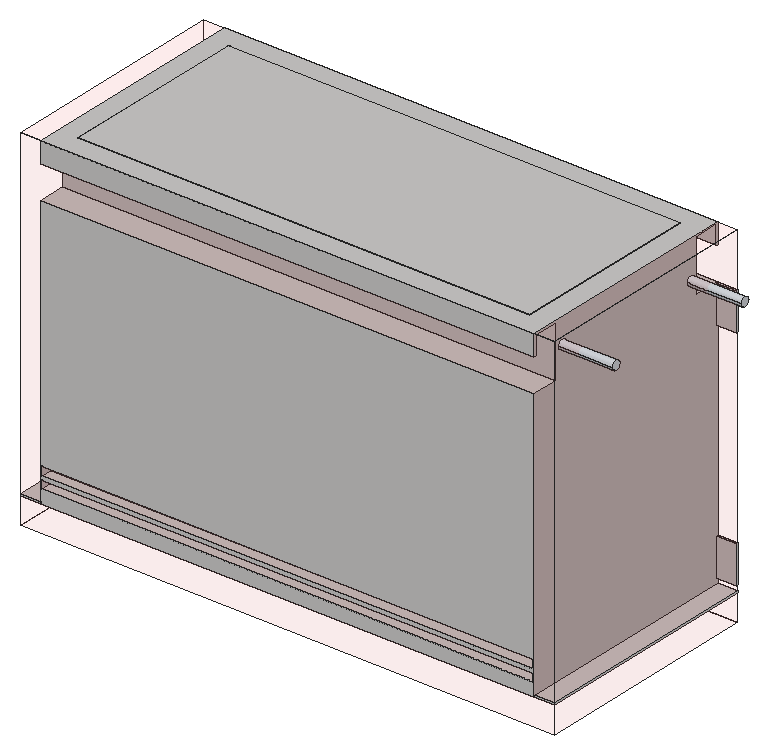
Revit family "Air-Curtain_Industrial_PoweredAire_HotWater", category Mechanical Equipment, host Face, Revit 2025
Family settings
  Host = Face
  Round Connector Dimension = Use Diameter
  Part Type = Normal
  OmniClass Number = 23.75.35.17.21
  OmniClass Title = Air Curtains
  Cut with Voids When Loaded = No
  Maintain Annotation Orientation = No
  Shared = No
  Room Calculation Point = No
Parameters
  upperrotation [instance] = if(Upper Pipe Connection Side A, 0.00°, 180.00°)  # 0.00°
  topbracket [instance] = and(Unit Height = 1' 4 3/4", Unit Depth = 1' 11 3/4")  # yes
  lowerrotation [instance] = if(Lower Pipe Connection Side A, 0.00°, 180.00°)  # 0.00°
  locateupperpipe [instance] = if(Upper Pipe Connection Side A, 0' 0", Nozzle Width)  # 0' - 0"
  locatelowerpipe [instance] = if(Lower Pipe Connection Side A, 0' 0", Nozzle Width)  # 0' - 0"
  Warranty Duration (Years) = 0
  Upper Pipe Connection Side A [instance] = yes
  Unit Width Notes = "Other Widths available."  # constant formula
  Unit Width = 3' - 3"
  Unit Weight = 0
  Unit Height = 1' - 4 3/4"
  Unit Depth = 1' - 11 3/4"
  URL = "http://www.poweredaire.com/"
  Test Data = ""
  Standards Conformance = "as Specified"
  Specification = "http://www.arcat.com/sdspecs/htm04/23_34_33pai.htm"
  SpecWizard = ""
  Sound Pressure = "as Specified"
  Sales Information = "http://www.poweredaire.com/contact_us"
  Revision = "R1_2016-08"
  Projection from Host [instance] = 0' - 2"
  Product Properties = ""
  Product Data = "http://www.arcat.com/arcatcos/cos47/arc47623.html"
  Power Rating = 0 W
  Piping_Water Flow [instance] = 0 GPM
  Piping_Operating Pressure [instance] = 0.00 psi
  Piping_Exit Temperature [instance] = 0 °F
  Piping_Entry Temperature [instance] = 0 °F
  Pipe OD [instance] = 5/8"
  Nozzle Width = if(1 = 1, Unit Width - 0' 3", 0' 0")  # 3' - 0"
  Mounting Width = if(1 = 1, Unit Width - 0' 1 1/2", 0' 0")  # 3' - 1 1/2"
  Mounting Height [instance] = 3' - 6"
  Motor RPM = 0
  Motor HP = 0
  Motor Count = 0
  Model = "As Specified"
  Max Height = 0' - 0"
  Manufacturer Website = "http://www.poweredaire.com/"
  Manufacturer Phone - Toll Free = "888-321-2473"
  Manufacturer Phone = "724-588-3305"
  Manufacturer Fax = "724-588-3371"
  Manufacturer Address = "109 Mortensen Rd.  Greenville, PA 16125"
  Manufacturer = "Powered Aire, Inc"
  Maintenance Schedule (Months) = 0
  Lower Pipe Connection Side A [instance] = yes
  Keynote = "23 34 33"
  Installation-Fabrication = ""
  Installation Phase = ""
  Include Clearance [instance] = yes
  Heating Element Load = 0 W
  HVAC_Temperature Rise = 0 °F
  HVAC_Outlet Volume = 0 CFM
  HVAC_Outlet Velocity Uniformity = 0
  HVAC_Outlet Velocity = 0 FPM
  HVAC_BTU Input = 0.0 Btu/h
  Green Building-LEED = "http://www.arcat.com/green/clients/leed_data_47623.html"
  Front Grating Material [instance] = Metal - Steel - PoweredAire - Stainless 304 Perforated
  Frame Finish [instance] = Metal - Steel - PoweredAire - Stainless 304
  Expected Lifespan (Years) = 0
  Electrical_Wattage [instance] = Power Rating + Heating Element Load  # 0 W
  Electrical_Voltage [instance] = 0 V
  Electrical_Phase [instance] = 1
  Electrical_Frequency [instance] = 0 Hz
  Electrical_Amperage [instance] = 0 A
  Drawn By = "Sumex Design, Inc. / Robert S. Weygant, CSI, CDT, SCIP"
  Description = "Powered Aire Air Curtain as Specified"
  Default Elevation = 0' - 0"  # constant formula
  Copyright = "©Arcat Inc."
  Construction Details = "http://www.arcat.com/details/powair/prod3336.html"
  Clearance_Top [instance] = 0' - 0"
  Clearance_Side B [instance] = 0' - 0"
  Clearance_Side A [instance] = 0' - 0"
  Clearance_Intake [instance] = 0' - 0"
  Clearance_Bottom [instance] = 0' - 0"
  Clearance Material [instance] = ARCAT Clearance
  Building Codes = ""
  Available Options [instance] = "as Specified"
  Assembly Code = "D3090400"
Reference planes (in)
  plane 1 "Center (Elevation)": y = 0.13818
  plane 2: z = 0
  plane 3 "Center (Left/Right)": x = 0
  plane 4: y = 8.51318
  plane 5: y = -8.23682
  plane 6: x = -19.5
  plane 7: x = 19.5
  plane 8: z = 25.75
  plane 9 "FF": y = -41.86182
  plane 10: z = 2
  plane 11: x = 18
  plane 12: x = -18
  plane 13: y = 8.51318
  plane 14: y = -8.23682
  plane 15: x = -19.5
  plane 16: x = 19.5
  plane 17: z = 25.75
  plane 18: x = 17.9375
  plane 19: x = -17.9375
  plane 20: x = 18
  plane 21: x = 18
  plane 22: y = 6.01318
  plane 23: y = -5.73682
Forms (in)
  Extrusion 1, solid, material "Metal - Steel - PoweredAire - Stainless 304" <- "Frame Finish"
    sketch origin (0, 0, 0) x (0, 1, 0) y (0, 0, 1)
      loop
        line (-8.23682, 2) -> (8.51318, 2) -> (8.51318, 21.8125) -> (6.51318, 21.8125) -> (6.51318, 25.625) -> (8.38818, 25.625) -> (8.38818, 24.25) -> (8.51318, 24.25) -> (8.51318, 25.75) -> (-8.23682, 25.75) -> (-8.23682, 24.25) -> (-8.11182, 24.25) -> (-8.11182, 25.625) -> (-6.23682, 25.625) -> (-6.23682, 21.8125) -> (-8.23682, 21.8125) -> (-8.23682, 2)
    from -18 to 18
  Extrusion 2, solid, material "ARCAT Clearance" <- "Clearance Material", visible <- "Include Clearance"
    sketch origin (0, 0, 0) x (0, 1, 0) y (0, 0, 1)
      loop
        line (-8.23682, 25.75) -> (-8.23682, 0) -> (8.51318, 0) -> (8.51318, 25.75) -> (-8.23682, 25.75)
    from -19.5 to 19.5
  Extrusion 3, solid, material "Metal - Steel - PoweredAire - Stainless 304" <- "Frame Finish"
    sketch origin (-15.17702, -180, 2) x (-1, 0, 0) y (0, -1, 0)
      loop
        line (-33.17702, -188.51318) -> (-33.17702, -171.76318) -> (-34.67702, -171.76318) -> (-34.67702, -188.51318) -> (-33.17702, -188.51318)
      loop
        line (2.82298, -188.51318) -> (4.32298, -188.51318) -> (4.32298, -171.76318) -> (2.82298, -171.76318) -> (2.82298, -188.51318)
    from 0 to 0.125
  Extrusion 4, solid, material "Metal - Steel - PoweredAire - Stainless 304" <- "Frame Finish", visible <- "topbracket"
    sketch origin (-11.83813, 8.51318, 48) x (-1, 0, 0) y (0, 0, 1)
      loop
        line (-29.83813, -45.5) -> (-29.83813, -42.75) -> (-31.33813, -42.75) -> (-31.33813, -45.5) -> (-29.83813, -45.5)
      loop
        line (-29.83813, -28.9375) -> (-29.83813, -26.1875) -> (-31.33813, -26.1875) -> (-31.33813, -28.9375) -> (-29.83813, -28.9375)
      loop
        line (6.16187, -45.5) -> (7.66187, -45.5) -> (7.66187, -42.75) -> (6.16187, -42.75) -> (6.16187, -45.5)
      loop
        line (6.16187, -28.9375) -> (7.66187, -28.9375) -> (7.66187, -26.1875) -> (6.16187, -26.1875) -> (6.16187, -28.9375)
    from 0 to -0.125
  Extrusion 5, void
    sketch origin (0, 0, 0) x (0, 1, 0) y (0, 0, 1)
      loop
        line (-8.23682, 3) -> (-7.23682, 3) -> (-7.23682, 4.5) -> (-8.23682, 4.5) -> (-8.23682, 3.82425) -> (-7.38364, 3.82425) -> (-7.38364, 3.57425) -> (-8.23682, 3.57425) -> (-8.23682, 3)
    from -17.9375 to 17.9375
  Extrusion 6, solid, material "Metal - Steel - PoweredAire - Stainless 304 Perforated" <- "Front Grating Material"
    sketch origin (0, -8.23682, 25.75) x (0, 1, 0) y (-1, 0, 0)
      loop
        line (15.25, 16.5) -> (1.5, 16.5) -> (1.5, -16.5) -> (15.25, -16.5) -> (15.25, 16.5)
    from 0 to 0.03125
  Sweep 7, solid
    path origin (18, 6.01318, 0) x (1, 0, 0) y (0, 1, 0)
      loop
        line (0, 0) -> (4, 0)
    profile origin (20, 6.01318, 0) x (0, 1, 0) y (0, 0, 1)
      loop
        circle (0, 23) r 0.3125
  Sweep 8, solid
    path origin (18, -5.73682, 0) x (1, 0, 0) y (0, 1, 0)
      loop
        line (0, 0) -> (4, 0)
    profile origin (20, -5.73682, 0) x (0, 1, 0) y (0, 0, 1)
      loop
        circle (0, 24) r 0.3125
Cuts and joins
  Extrusion 5 cuts Extrusion 1
Lines and regions (in)
  reference lines
    curve 1: line (18, 6.01318, 0) -> (22.75, 6.01318, 0)
    curve 2: line (18, -5.73682, 0) -> (23.75, -5.73682, 0)
Dimensions and locks (in)
  equal spacing: plane 4, plane 1 "Center (Elevation)", plane 5
  "Unit Height": plane 4 to plane 5
  equal spacing: plane 6, plane 3 "Center (Left/Right)", plane 7
  "Unit Width": plane 6 to plane 7
  "Mounting Height": plane 1 "Center (Elevation)" to plane 9 "FF"
  "Projection from Host": plane 10 to level
  "Unit Depth": plane 8 to plane 10
  locked: plane 6 to plane 12 at 1.5
  locked: plane 11 to plane 7 at 1.5
  "Clearance_Side A": plane 7 to plane 16
  "Clearance_Side B": plane 15 to plane 6
  "Clearance_Top": plane 13 to plane 4
  "Clearance_Bottom": plane 5 to plane 14
  "Clearance_Intake": plane 17 to plane 8
  plane 5 to Extrusion 1 sketch curve to Extrusion 1 sketch curve = 0' - 0 1/8" locked, 0' - 1 7/8" locked
  Extrusion 1 sketch curve to Extrusion 1 sketch curve to plane 4 = 0' - 1 7/8" locked, 0' - 0 1/8" locked
  Extrusion 4 sketch curve to Extrusion 4 sketch curve to Extrusion 4 sketch curve to Extrusion 4 sketch curve to plane 10 = 0' - 2 3/4" locked, 1' - 1 13/16" locked, 0' - 2 3/4" locked, 0' - 0 1/2" locked
  Extrusion 4 sketch curve to Extrusion 4 sketch curve to Extrusion 4 sketch curve to Extrusion 4 sketch curve = 0' - 2 3/4" locked, 1' - 1 13/16" locked, 0' - 2 3/4" locked
  locked: Extrusion 4 sketch curve to plane 10 at 0.5
  plane 8 to Extrusion 1 sketch curve to Extrusion 1 sketch curve = 0' - 0 1/8" locked, 0' - 1 3/8" locked  (x2)
  locked: Extrusion 1 sketch curve to plane 10 at 19.8125  (x2)
  Extrusion 5 sketch curve to Extrusion 5 sketch curve to Extrusion 5 sketch curve to Extrusion 5 sketch curve to plane 10 = 0' - 0.67575" locked, 0' - 0 1/4" locked, 0' - 0.57425" locked, 0' - 1" locked
  plane 5 to Extrusion 5 sketch curve to Extrusion 5 sketch curve = 0' - 0.85319" locked, 0' - 0.14681" locked
  locked: plane 19 to plane 12 at 0.0625
  locked: plane 11 to plane 18 at 0.0625
  locked: plane 4 to Extrusion 6 sketch curve at 1.5
  locked: Extrusion 6 sketch curve to plane 5 at 1.5
  locked: Extrusion 6 sketch curve to plane 11 at 1.5
  locked: plane 12 to Extrusion 6 sketch curve at 1.5
  "locateupperpipe": plane 20 to plane 11
  "locatelowerpipe": plane 21 to plane 11
  locked: plane 4 to plane 22 at 2.5
  locked: plane 23 to plane 5 at 2.5
  locked: curve 1 to Sweep 7 sketch curve at 4
  locked: curve 1 to Sweep 7 sketch curve
  locked: Sweep 7 sketch curve to plane 10 at 21
  locked: curve 2 to Sweep 8 sketch curve at 4
  locked: curve 2 to Sweep 8 sketch curve
  locked: Sweep 8 sketch curve to plane 10 at 22
  "upperrotation": angle plane 22 to curve 1
  "lowerrotation": angle plane 23 to curve 2
  aligned and locked: plane 2 to host face
  aligned and locked: level to host face
  aligned and locked: Extrusion 2 sketch curve to plane 17
  aligned and locked: plane 14 to Extrusion 2 sketch curve
  aligned and locked: level to Extrusion 2 sketch curve
  aligned and locked: Extrusion 2 sketch curve to plane 13
  aligned and locked: plane 16 to Extrusion 2
  aligned and locked: Extrusion 2 to plane 15
  aligned and locked: plane 11 to Extrusion 1
  aligned and locked: Extrusion 1 to plane 12
  aligned and locked: plane 21 to curve 2
  aligned and locked: plane 23 to curve 2
  aligned and locked: plane 22 to curve 1
  aligned and locked: plane 20 to curve 1
Automatic sketch dimensions
  host sketch curve to host sketch curve = 8' - 0"  (x2)
  Extrusion 1 sketch curve to plane 5 = 0' - 0"  (x2)
  Extrusion 1 sketch curve to plane 4 = 0' - 0"  (x2)
  Extrusion 1 sketch curve to plane 10 = 0' - 0"
  Extrusion 1 sketch curve to plane 8 = 0' - 0"
  plane 4 to Extrusion 3 sketch curve = 0' - 0"
  Extrusion 3 sketch curve to plane 7 = 0' - 0"
  plane 5 to Extrusion 3 sketch curve = 0' - 0"
  Extrusion 3 sketch curve to plane 11 = 0' - 0"
  Extrusion 3 sketch curve to plane 4 = 0' - 0"
  Extrusion 3 sketch curve to plane 12 = 0' - 0"
  Extrusion 3 sketch curve to plane 6 = 0' - 0"
  Extrusion 3 sketch curve to plane 5 = 0' - 0"
  Extrusion 4 sketch curve to plane 7 = 0' - 0"  (x2)
  Extrusion 4 sketch curve to plane 11 = 0' - 0"  (x2)
  Extrusion 4 sketch curve to plane 12 = 0' - 0"  (x2)
  Extrusion 4 sketch curve to plane 6 = 0' - 0"  (x2)
  Extrusion 5 sketch curve to plane 5 = 0' - 0"  (x2)
  Sweep 7 sketch curve to profile plane = 0' - 0"
  Sweep 8 sketch curve to profile plane = 0' - 0"
  radius of Sweep 7 sketch curve = 0' - 0 5/16"
  radius of Sweep 8 sketch curve = 0' - 0 5/16"
Connectors (in)
  piping at (22, 6.01318, 23), diameter 0.625, driven by "Pipe OD", driven by "Piping_Water Flow"
    settings: on Sweep 7, index 1, connector inside diameter 24", connector length 0' - 0", flow factor 0, pipe flow 0 GPM, pressure drop 0.00 psi, fitting loss kfactor 0, connector angle 0.00°, fixture units 0, engagement length 0' - 0", angle of deflection 0.00°, flow configuration 0, flow direction 0, fitting loss method 0, system type 29, joint type 0, gender type 0, connector reference index -1, connector utility 0, adjustable connector no, is connector primary yes, connector description "Define Supply or Return and Location"
  piping at (22, -5.73682, 24), diameter 0.625, driven by "Pipe OD", driven by "Piping_Water Flow"
    settings: on Sweep 8, index 2, connector inside diameter 24", connector length 0' - 0", flow factor 0, pipe flow 0 GPM, pressure drop 0.00 psi, fitting loss kfactor 0, connector angle 0.00°, fixture units 0, engagement length 0' - 0", angle of deflection 0.00°, flow configuration 0, flow direction 0, fitting loss method 0, system type 29, joint type 0, gender type 0, connector reference index -1, connector utility 0, adjustable connector no, is connector primary no, connector description "Define Supply or Return and Location"
  electrical at (-18, 0.13818, 21.39062), driven by "Electrical_Voltage", driven by "Electrical_Phase"
    settings: on cut or joined group of Extrusion 1, Extrusion 5, index 3, voltage 0 V, apparent load 0 VA, apparent load phase1 0 VA, apparent load phase2 0 VA, apparent load phase3 0 VA, power factor 1, load classification "Motor", number of poles 1, system type 31, power factor state 1, is connector primary yes, connector utility no, sub classification motor no, connector description ""
